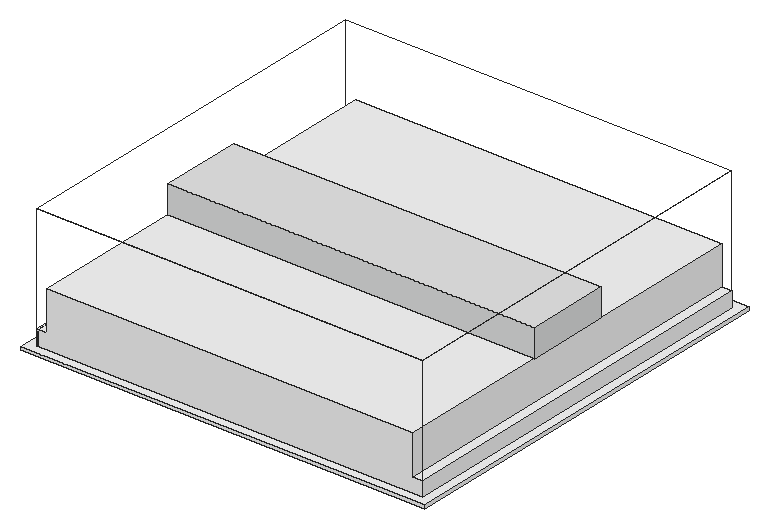
Revit family "Illusion LED TW - Generic", category Lighting Fixtures, Revit 2014
Parameters (values of type "Illusion LED TW 600x600 C")
  Wattage Comments = ""
  WarrantyGuarantorParts = "n/a"
  WarrantyDurationParts = "n/a"
  WarrantyDescription = "n/a"
  Visible [instance] = yes
  Version = "v.1.0"
  Uniclass2 = "Pr_70_70_49_43 Light-Emitting Diode (LED) Luminaires"
  Uniclass 1.4 = "JY73"
  URL = "http://riegens.co.uk/illusion-led-tw"
  Type Mark = ""
  Transformer = Riegens_Aluminum
  TotalWattage = "Max. 50W"
  TagNumber = "n/a"
  Switch ID [instance] = ""
  SustainabilityPerformance = "n/a"
  SupplyCircuitConductorConnections = "n/a"
  Size = "600 x 600 mm"
  Shape = "Square"
  ProductInformation = "http://riegens.co.uk/illusion-led-tw"
  PhotometricPerformance = "In accordance with BS EN 13032-1"
  PhaseReference = "IEC recommendations"
  Panel [instance] = ""
  Optic = "Micro-prism lens"
  OmniClass Title = "Luminaries for Internal Lighting"
  OmniClass Number = "23.80.70.11"
  NominalVoltage = "220-240V"
  Moves With Nearby Elements [instance] = no
  ModelReference = "Illusion LED TW 600x600 C"
  Model = "Illusion LED TW 600x600 C"
  Material = "Steel and Acrylic (PMMA)"
  Mark [instance] = "1"
  ManufacturersSpecificInformation = "n/a"
  ManufacturerURL = "www.riegens.com"
  Manufacturer = "Riegens A/S"
  LuminaireType = "Recessed Direct LED Luminaire"
  LuminairePowerFactor = ">0,9"
  LightSource = "LED 2700-6500K"
  LightFixturePlacingType = "Ceiling"
  LightFixtureMountingType = "Recessed"
  Light Source Definition (family) = "Point+HemiSpherical"
  LampType = "LED"
  LampRating = "42-45W"
  LampColourRenderingIndex = "Ra>80"
  Lamp = ""
  InternalFuse = "Only required in emergency versions"
  InsulationStandardClass = "Class 1"
  IfcExportType = "NOTDEFINED'"
  IfcExportAs = "IfcLightFixtureType'"
  IP_Code = "IP20"
  Height 2 = 85 mm
  Height 1 = 126 mm
  HasProtectiveEarth = "TRUE"
  Grade = "n/a"
  Glass Thickness = 2 mm
  Frame Width = 599 mm
  Frame Depth = 599 mm
  Frame = Riegens_Steel_Powder coated white RAL901025
  Finish = "Powder coated"
  Features = "n/a"
  Electrical Data [instance] = ""
  Documentation = "See URL hyperlink"
  DocumentReference = "See URL hyperlink"
  Description = "70-80-35 General Lighting Systems"
  ControlGearPosition = "Integrated "
  Constituents = "n/a"
  Comments [instance] = ""
  Colour = "White"
  built-in parameter 1114216 [instance] = (empty or 0)
  CodePerformance = "n/a"
  Clearance Zones Offset = 60 mm
  Clearance Zones = yes
  Circuit Number [instance] = ""
  Cassette Width = 572 mm
  Cassette Depth = 572 mm
  Cassette = Riegens_Steel_Powder coated white RAL901025
  built-in parameter 1140040 [instance] = (empty or 0)
  CCSTopnode = "L"
  CCSClassName = "Belysningsarmatur"
  CCSClassCode = "UAC"
  BarCode = "n/a"
  BallastsCELMAEnergyEfficiencyIndex = "Class A1/A2"
  BSAB 96 = "SNB.2"
  BIMObjectName = "Illusion LED TW 600x600 C.rfa"
  Author = "3dbyggeri"
  AssetType = "Moveable/Fixed"
  AssetIdentifier = "n/a"
  Assembly Description = ""
  Assembly Code = ""
  ArticleNumber = "See URL hyperlink"
  Apparent Load = 240 VA
  AccessibilityPerformance = "n/a"
Types (4, lengths in mm): name | Size | ModelReference | Model | Frame Width | Frame Depth | Cassette Width | Cassette Depth | BIMObjectName
  Illusion LED TW 625x625 T/L | "625 x 625 mm" | "Illusion LED TW 625x625 T/L" | "Illusion LED TW 625x625 T/L" | 620 | 620 | 600 | 600 | "Illusion LED TW 625x625 T/L.rfa"
  Illusion LED TW 625x625 C | "625 x 625 mm" | "Illusion LED TW 625x625 C" | "Illusion LED TW 625x625 C" | 624 | 624 | 604 | 604 | "Illusion LED TW 625x625 C.rfa"
  Illusion LED TW 600x600 C | "600 x 600 mm" | "Illusion LED TW 600x600 C" | "Illusion LED TW 600x600 C" | 599 | 599 | 572 | 572 | "Illusion LED TW 600x600 C.rfa"
  Illusion LED TW 600x600 T/L | "600 x 600 mm" | "Illusion LED TW 600x600 T/L" | "Illusion LED TW 600x600 T/L" | 595 | 595 | 572 | 572 | "Illusion LED TW 600x600 T/L.rfa"
Reference planes
  plane 1 "Center (Front/Back)": y = 0
  plane 2: z = 0
  plane 3 "Center (Left/Right)": x = 0
Dimensions and locks
  aligned and locked: level to plane 2
Nested families
  nested 1: "Illusion LED TW - Ceiling Based-Dummy" at (0, 0, 0), type "Standard"
    with Frame Width 599 mm, Frame Depth 599 mm, Cassette Width 572 mm, Cassette Depth 572 mm
Definition of nested family "Illusion LED TW - Ceiling Based-Dummy"
  Parameters (values of type "Standard")
    Wattage = 41 W
    built-in parameter 1150110 = 1 (stored number, unit not read)
    URL = ""
    Transformer = Riegens_Aluminum
    built-in parameter 1114217 = 1 (stored number, unit not read)
    Tilt Angle = 90.00°
    built-in parameter 1150109 = 1 (stored number, unit not read)
    built-in parameter 1150134 = 12
    built-in parameter 1150113 = 1 (stored number, unit not read)
    PhotometricPerformance = "In accordance with BS EN 13032-1"
    Photometric Web File = "Illusion LED TW 600x600 C 50W 2700-6500K.ies"
    Optic = "Micro-prism lens"
    Model = ""
    Material = "Steel and Acrylic (PMMA)"
    Manufacturer = ""
    built-in parameter 1150105 = 352.37 (stored number, unit not read)
    Lumens = 4428 lm
    built-in parameter 1150115 = 1 (stored number, unit not read)
    LightSource = "LED 2700-6500K"
    built-in parameter 1150137 = (empty or 0)
    built-in parameter 1150139 = (empty or 0)
    LampColourRenderingIndex = "Ra>80"
    built-in parameter 1150112 = 1 (stored number, unit not read)
    built-in parameter 1150114 = 1 (stored number, unit not read)
    built-in parameter 1150132 = (empty or 0)
    built-in parameter 1150102 = (empty or 0)
    built-in parameter 1150107 = 4000 (stored number, unit not read)
    built-in parameter 1150138 = (empty or 0)
    built-in parameter 1150106 = 3.5237 (stored number, unit not read)
    Height 2 = 85 mm
    Height 1 = 126 mm
    Glass Thickness = 2 mm
    Glass = Riegens_Glass_opal
    Frame Width = 620 mm
    Frame Depth = 620 mm
    Frame = Riegens_Steel_Powder coated white RAL901025
    Finish = "Powder coated"
    built-in parameter 1150104 = 10.034 (stored number, unit not read)
    Dimming Lamp Color Temperature Shift = (empty or 0)
    Description = ""
    Colour = "White"
    Color Filter = 16777215
    Clearance Zones Offset = 60 mm
    Clearance Zones = yes
    Cassette Width = 600 mm
    Cassette Depth = 600 mm
    Cassette = Riegens_Steel_Powder coated white RAL901025
    built-in parameter 1114218 = 1 (stored number, unit not read)
    built-in parameter 1150133 = 10 (stored number, unit not read)
    Apparent Load = 240 VA
  Reference planes
    plane 1 "Light Source Axis (F/B)": y = 0
    plane 2: z = 0
    plane 3 "Light Source Axis (L/R)": x = 0
    plane 4 "Ceiling": z = 0
    plane 5 "Light Source Elevation": z = 0
    plane 6: y = 300
    plane 7: y = -300
    plane 8: x = 300
    plane 9: x = -300
    plane 10: y = 310
    plane 11: y = -310
    plane 12: x = -310
    plane 13: x = 310
    plane 14: z = 85
    plane 15: z = 126
    plane 16: z = 5
    plane 17: z = 2
    plane 18: y = 299
    plane 19: y = -299
    plane 20: y = 61
    plane 21: y = -61
    plane 22: x = 271.5
    plane 23: x = -271.5
    plane 24: z = 186
  Forms (mm)
    Extrusion 1, solid, material "Riegens_Steel_Powder coated white RAL901025" <- "Cassette"
      sketch origin (0, 0, 0) x (0, 1, 0) y (-1, 0, 0)
        loop
          line (310, 310) -> (-310, 310) -> (-310, -310) -> (310, -310) -> (310, 310)
      from 0 to 85
    Extrusion 2, solid, material "Riegens_Aluminum" <- "Transformer"
      sketch origin (7.896, -110.656, 0) x (0, 1, 0) y (-1, 0, 0)
        loop
          line (171.656, 279.396) -> (49.656, 279.396) -> (49.656, -263.604) -> (171.656, -263.604) -> (171.656, 279.396)
      from 85 to 126
    Extrusion 3, void
      sketch origin (0, 0, 0) x (1, 0, 0) y (0, 0, 1)
        loop
          line (-271.5, 85) -> (-310, 85) -> (-310, 5) -> (-300, 5) -> (-300, 27) -> (-271.5, 27) -> (-271.5, 85)
        loop
          line (310, 85) -> (271.5, 85) -> (271.5, 27) -> (300, 27) -> (300, 5) -> (310, 5) -> (310, 85)
      from -310 to 310
    Extrusion 4, void
      sketch origin (0, 0, 0) x (0, 1, 0) y (0, 0, 1)
        loop
          line (310, 85) -> (300, 85) -> (300, 5) -> (310, 5) -> (310, 85)
        loop
          line (-300, 85) -> (-310, 85) -> (-310, 5) -> (-300, 5) -> (-300, 85)
      from -310 to 310
    Extrusion 5, void
      sketch origin (0, 0, 0) x (-1, 0, 0) y (0, 0, 1)
        loop
          line (-298.809, 0) -> (298.809, 0) -> (298.809, 26) -> (269.809, 26) -> (269.809, 4.009) -> (74.695, 23.013) -> (44.866, 19) -> (-44.866, 19) -> (-74.695, 23.013) -> (-269.809, 4.009) -> (-269.809, 26) -> (-298.809, 26) -> (-298.809, 0)
      from -299 to 299
    Extrusion 6, solid, material "Riegens_Glass_opal" <- "Glass"
      sketch origin (0, 0, 0) x (1, 0, 0) y (0, 0, 1)
        loop
          line (-269.809, 4.009) -> (-269.809, 2) -> (-74.732, 21) -> (-45, 17) -> (45, 17) -> (74.732, 21) -> (269.809, 2) -> (269.809, 4.009) -> (74.695, 23.013) -> (44.866, 19) -> (-44.866, 19) -> (-74.695, 23.013) -> (-269.809, 4.009)
      from -299 to 299
    Extrusion 7, solid, material "Clearance Zones", visible <- "Clearance Zones"
      sketch origin (0, 0, 0) x (-1, 0, 0) y (0, -1, 0)
        loop
          line (300, -300) -> (300, 300) -> (-300, 300) -> (-300, -300) -> (300, -300)
      from 5 to 186
  Cuts and joins
    Extrusion 3, Extrusion 4, Extrusion 5 cuts Extrusion 1
  Lines and regions (mm)
    Opening 1
      outline origin (0, 0, 0) x (1, 0, 0) y (0, 1, 0)
        loop
          line (310, 310) -> (-310, 310) -> (-310, -310) -> (310, -310) -> (310, 310)
    Split face 1
      outline origin (-278.104, 61, 0) x (1, 0, 0) y (0, 0, -1)
        loop
          line (21.604, -126) -> (66.604, -126) -> (66.604, -106) -> (21.604, -106) -> (21.604, -126)
  Dimensions and locks
    equal spacing: host sketch curve, plane 3 "Light Source Axis (L/R)", host sketch curve
    equal spacing: host sketch curve, plane 1 "Light Source Axis (F/B)", host sketch curve
    host sketch curve to host sketch curve = 4000 mm  (x2)
    locked: plane 4 "Ceiling" to host ceiling at 0
    equal spacing: plane 6, plane 1 "Light Source Axis (F/B)", plane 7  (x2)
    "Cassette Depth": plane 6 to plane 7
    equal spacing: plane 11, plane 1 "Light Source Axis (F/B)", plane 10  (x2)
    "Frame Depth": plane 11 to plane 10
    "Height 2": plane 14 to plane 5 "Light Source Elevation"
    "Glass Thickness": plane 5 "Light Source Elevation" to plane 17
    equal spacing: plane 9, plane 3 "Light Source Axis (L/R)", plane 8
    equal spacing: plane 12, plane 3 "Light Source Axis (L/R)", plane 13
    plane 6 to plane 18 = 1 mm
    plane 19 to plane 7 = 1 mm
    "Height 1": plane 5 "Light Source Elevation" to plane 15
    equal spacing: plane 23, plane 3 "Light Source Axis (L/R)", plane 22, locked at 271.5 each
    "Cassette Width": plane 9 to plane 8
    "Frame Width": plane 12 to plane 13
    "Clearance Zones Offset": plane 24 to plane 15
    aligned and locked: plane 14 to Extrusion 1
    aligned and locked: Opening 1 sketch curve to plane 10
    aligned and locked: Opening 1 sketch curve to plane 13
    aligned and locked: Opening 1 sketch curve to plane 12
    aligned and locked: Opening 1 sketch curve to plane 11
    aligned and locked: plane 23 to Extrusion 2 sketch curve
    aligned and locked: Extrusion 2 sketch curve to plane 22
    aligned and locked: Extrusion 2 sketch curve to plane 20
    aligned and locked: Extrusion 2 sketch curve to plane 21
    aligned and locked: Extrusion 3 sketch curve to plane 22
    aligned and locked: plane 12 to Extrusion 1 sketch curve
    aligned and locked: plane 10 to Extrusion 1 sketch curve
    aligned and locked: Extrusion 1 sketch curve to plane 13
    aligned and locked: Extrusion 1 sketch curve to plane 11
    aligned and locked: plane 9 to Extrusion 3 sketch curve
    aligned and locked: Extrusion 3 sketch curve to plane 12
    aligned and locked: Extrusion 3 sketch curve to plane 16  (x2)
    aligned and locked: plane 8 to Extrusion 3 sketch curve
    aligned and locked: plane 13 to Extrusion 3 sketch curve
    aligned and locked: plane 14 to Extrusion 3 sketch curve
    aligned and locked: Extrusion 1 to level
    aligned and locked: Extrusion 4 sketch curve to cut or joined group of Extrusion 1, Extrusion 3, Extrusion 4, Extrusion 5
    aligned and locked: cut or joined group of Extrusion 1, Extrusion 3, Extrusion 4, Extrusion 5 to Extrusion 4 sketch curve
    aligned and locked: Extrusion 4 sketch curve to plane 16
    aligned and locked: Extrusion 4 sketch curve to plane 6
    aligned and locked: plane 16 to Extrusion 4 sketch curve
    aligned and locked: Extrusion 4 sketch curve to plane 11
    aligned and locked: Extrusion 4 sketch curve to plane 7
    aligned and locked: plane 13 to cut or joined group of Extrusion 1, Extrusion 3, Extrusion 4, Extrusion 5
    aligned and locked: cut or joined group of Extrusion 1, Extrusion 3, Extrusion 4, Extrusion 5 to plane 12
    aligned and locked: plane 18 to Extrusion 5
    aligned and locked: Extrusion 5 to plane 19
    aligned and locked: Extrusion 6 to plane 19
    aligned and locked: plane 18 to Extrusion 6
    aligned and locked: Extrusion 7 sketch curve to plane 8
    aligned and locked: plane 7 to Extrusion 7 sketch curve
    aligned and locked: plane 9 to Extrusion 7 sketch curve
    aligned and locked: Extrusion 7 sketch curve to plane 6
    aligned and locked: Extrusion 7 to plane 16
    aligned and locked: plane 24 to Extrusion 7
    aligned and locked: plane 11 to Extrusion 3
    aligned and locked: Extrusion 3 to plane 10
  Automatic sketch dimensions
    Split face 1 sketch curve to Extrusion 2 = 0 mm
    Split face 1 sketch curve to Extrusion 2 = 20 mm
    Split face 1 sketch curve to Split face 1 sketch curve = 45 mm
    Split face 1 sketch curve to Extrusion 2 = 15 mm
    Extrusion 3 sketch curve to plane 23 = 0 mm
    Extrusion 3 sketch curve to plane 14 = 0 mm
    plane 16 to Extrusion 3 sketch curve = 22 mm
    Extrusion 4 sketch curve to plane 14 = 0 mm
    Extrusion 5 sketch curve to level = 0 mm
    Extrusion 5 sketch curve to plane 8 = 1.191 mm
    plane 16 to Extrusion 5 sketch curve = 18.013 mm  (x2)
    plane 16 to Extrusion 5 sketch curve = 14 mm
    Extrusion 5 sketch curve to plane 3 "Light Source Axis (L/R)" = 44.866 mm
    plane 23 to Extrusion 5 sketch curve = 1.691 mm
    plane 9 to Extrusion 5 sketch curve = 1.191 mm
    plane 16 to Extrusion 5 sketch curve = 21 mm  (x2)
    Extrusion 5 sketch curve to plane 16 = 0.991 mm  (x2)
    Extrusion 5 sketch curve to plane 22 = 1.691 mm
    plane 3 "Light Source Axis (L/R)" to Extrusion 5 sketch curve = 74.695 mm
    Extrusion 5 sketch curve to Extrusion 5 sketch curve = 29.829 mm  (x2)
    Extrusion 6 sketch curve to plane 17 = 0 mm  (x2)
    plane 23 to Extrusion 6 sketch curve = 1.691 mm
    plane 16 to Extrusion 6 sketch curve = 18.013 mm  (x2)
    Extrusion 6 sketch curve to plane 3 "Light Source Axis (L/R)" = 74.695 mm
    plane 16 to Extrusion 6 sketch curve = 12 mm
    Extrusion 6 sketch curve to Extrusion 6 sketch curve = 29.695 mm
    plane 16 to Extrusion 6 sketch curve = 14 mm
    Extrusion 6 sketch curve to Extrusion 6 sketch curve = 0.134 mm  (x2)
    plane 3 "Light Source Axis (L/R)" to Extrusion 6 sketch curve = 44.866 mm
    Extrusion 6 sketch curve to Extrusion 6 sketch curve = 29.829 mm
    plane 16 to Extrusion 6 sketch curve = 16 mm  (x2)
    Extrusion 6 sketch curve to Extrusion 6 sketch curve = 0.037 mm  (x2)
    Extrusion 6 sketch curve to plane 22 = 1.691 mm
    Extrusion 6 sketch curve to plane 16 = 0.991 mm  (x2)
    Extrusion 3 sketch curve to Extrusion 3 sketch curve = 22 mm
  Connectors
    electrical at (-234, 61, 116)
      settings: on Extrusion 2, index 1, voltage 0 V, apparent load 0 VA, apparent load phase1 0 VA, apparent load phase2 0 VA, apparent load phase3 0 VA, power factor 1, load classification "Other", number of poles 1, system type 31, power factor state 1, is connector primary yes, connector utility no, sub classification motor no, connector description ""
